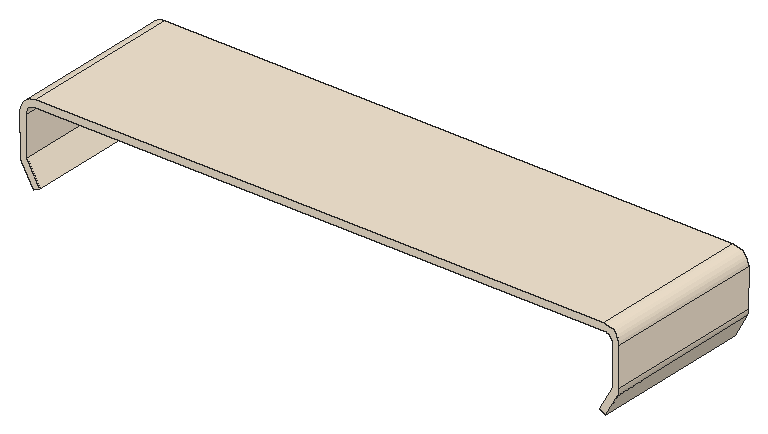
Revit family "Specialty_Equipment-Metal_Raceway-Hubbell_Wiring-Cover_Clip-HBL3006E", category Specialty Equipment, host Face, Revit 2015
Parameters (values of type "HBL3006EIV")
  URL = "http://www.hubbell-wiring.com/"
  Product data url = "https://bimobject.com/hubbellwiring/product/hubbell-metal-raceway-hbl3000"
  Product Page URL = "http://ecatalog.hubbell-wiring.com/ProductInformation/ViewCatalog.aspx?Dest=hubbell-wiring.com/press/catalog/r.pdf"
  Product Documentation Link = "http://www.hubbell-wiring.com/press/pdfs/h5233r08.pdf"
  Model = "HBL3006EIV"
  Manufacturer = "Hubbell Wiring Device Kellems"  # constant formula
  Host Note = "Add in Section View; Host to Wall"  # constant formula
  Description = "Cover Clip"  # constant formula
  Default Elevation = 48.00"
  Cable Tray Material = Metal-Hubbell-Ivory
  B = 0.75"
  Assembly Code = "D5090900"
  A = 2.78"
Types (3): name | Model | Cable Tray Material
  (no name) | "HBL3006EIV" | Metal-Hubbell-Ivory
  HBL3006EIV | "HBL3006EIV" | Metal-Hubbell-Ivory
  HBL3006EGY | "HBL3006EGY" | Metal-Hubbell-Gray
Reference planes (in)
  plane 1 "Center (Front/Back)": y = 0
  plane 2: z = 0
  plane 3 "Center (Left/Right)": x = 0
  plane 4: y = 0.375
  plane 5: x = -1.39
  plane 6: x = 1.39
  plane 7: y = -0.375
  plane 8: z = 1.52
Forms (in)
  Extrusion 1, solid, material "Metal-Hubbell-Ivory" <- "Cable Tray Material"
    sketch origin (0, 0, 0) x (1, 0, 0) y (0, 0, 1)
      loop
        line (-1.30095, 1.15766) -> (-1.36, 1.26591) -> (-1.36, 1.45)
        arc (-1.36, 1.45) -> (-1.34828, 1.47828) -> (-1.32, 1.49) r 0.04
        line (-1.32, 1.49) -> (1.32, 1.49)
        arc (1.32, 1.49) -> (1.34828, 1.47828) -> (1.36, 1.45) r 0.04
        line (1.36, 1.45) -> (1.36, 1.26591) -> (1.30095, 1.15766) -> (1.32817, 1.14282) -> (1.38206, 1.24162)
        arc (1.38206, 1.24162) -> (1.38798, 1.25669) -> (1.39, 1.27275) r 0.065
        line (1.39, 1.27275) -> (1.39, 1.45)
        arc (1.39, 1.45) -> (1.3695, 1.4995) -> (1.32, 1.52) r 0.07
        line (1.32, 1.52) -> (-1.32, 1.52)
        arc (-1.32, 1.52) -> (-1.3695, 1.4995) -> (-1.39, 1.45) r 0.07
        line (-1.39, 1.45) -> (-1.39, 1.27275)
        arc (-1.39, 1.27275) -> (-1.38798, 1.25669) -> (-1.38206, 1.24162) r 0.065
        line (-1.38206, 1.24162) -> (-1.32817, 1.14282) -> (-1.30095, 1.15766)
    from -0.375 to 0.375
Lines and regions (in)
  symbolic lines, style "Symbolic lines"
    curve 1: line (-1.39, -0.375, 0) -> (1.39, -0.375, 0)
    curve 2: line (-1.39, 0.375, 0) -> (-1.39, -0.375, 0)
    curve 3: line (1.39, -0.375, 0) -> (1.39, 0.375, 0)
    curve 4: line (-1.39, 0.375, 0) -> (1.39, 0.375, 0)
    curve 5: line (0, 0.375, 1.14282) -> (0, 0.375, 1.52)
    curve 6: line (0, 0.375, 1.14282) -> (0, -0.375, 1.14282)
    curve 7: line (0, -0.375, 1.52) -> (0, -0.375, 1.14282)
    curve 8: line (0, 0.375, 1.52) -> (0, -0.375, 1.52)
    curve 27: line (-1.30095, 0, 1.15766) -> (-1.36, 0, 1.26591)
    curve 28: line (-1.36, 0, 1.26591) -> (-1.36, 0, 1.45)
    curve 29: arc (-1.36, 0, 1.45) -> (-1.34828, 0, 1.47828) -> (-1.32, 0, 1.49) r 0.04
    curve 30: line (-1.32, 0, 1.49) -> (1.32, 0, 1.49)
    curve 31: arc (1.32, 0, 1.49) -> (1.34828, 0, 1.47828) -> (1.36, 0, 1.45) r 0.04
    curve 32: line (1.36, 0, 1.45) -> (1.36, 0, 1.26591)
    curve 33: line (1.36, 0, 1.26591) -> (1.30095, 0, 1.15766)
    curve 34: line (1.30095, 0, 1.15766) -> (1.32817, 0, 1.14282)
    curve 35: line (1.32817, 0, 1.14282) -> (1.38206, 0, 1.24162)
    curve 36: arc (1.38206, 0, 1.24162) -> (1.38798, 0, 1.25669) -> (1.39, 0, 1.27275) r 0.065
    curve 37: line (1.39, 0, 1.27275) -> (1.39, 0, 1.45)
    curve 38: arc (1.39, 0, 1.45) -> (1.3695, 0, 1.4995) -> (1.32, 0, 1.52) r 0.07
    curve 39: line (1.32, 0, 1.52) -> (-1.32, 0, 1.52)
    curve 40: arc (-1.32, 0, 1.52) -> (-1.3695, 0, 1.4995) -> (-1.39, 0, 1.45) r 0.07
    curve 41: line (-1.39, 0, 1.45) -> (-1.39, 0, 1.27275)
    curve 42: arc (-1.39, 0, 1.27275) -> (-1.38798, 0, 1.25669) -> (-1.38206, 0, 1.24162) r 0.065
    curve 43: line (-1.38206, 0, 1.24162) -> (-1.32817, 0, 1.14282)
    curve 44: line (-1.32817, 0, 1.14282) -> (-1.30095, 0, 1.15766)
  reference lines
    curve 9: line (-1.30095, 0, 1.15766) -> (-1.36, 0, 1.26591)
    curve 10: line (-1.36, 0, 1.26591) -> (-1.36, 0, 1.45)
    curve 11: arc (-1.36, 0, 1.45) -> (-1.34828, 0, 1.47828) -> (-1.32, 0, 1.49) r 0.04
    curve 12: line (-1.32, 0, 1.49) -> (1.32, 0, 1.49)
    curve 13: arc (1.32, 0, 1.49) -> (1.34828, 0, 1.47828) -> (1.36, 0, 1.45) r 0.04
    curve 14: line (1.36, 0, 1.45) -> (1.36, 0, 1.26591)
    curve 15: line (1.36, 0, 1.26591) -> (1.30095, 0, 1.15766)
    curve 16: line (1.30095, 0, 1.15766) -> (1.32817, 0, 1.14282)
    curve 17: line (1.32817, 0, 1.14282) -> (1.38206, 0, 1.24162)
    curve 18: arc (1.38206, 0, 1.24162) -> (1.38798, 0, 1.25669) -> (1.39, 0, 1.27275) r 0.065
    curve 19: line (1.39, 0, 1.27275) -> (1.39, 0, 1.45)
    curve 20: arc (1.39, 0, 1.45) -> (1.3695, 0, 1.4995) -> (1.32, 0, 1.52) r 0.07
    curve 21: line (1.32, 0, 1.52) -> (-1.32, 0, 1.52)
    curve 22: arc (-1.32, 0, 1.52) -> (-1.3695, 0, 1.4995) -> (-1.39, 0, 1.45) r 0.07
    curve 23: line (-1.39, 0, 1.45) -> (-1.39, 0, 1.27275)
    curve 24: arc (-1.39, 0, 1.27275) -> (-1.38798, 0, 1.25669) -> (-1.38206, 0, 1.24162) r 0.065
    curve 25: line (-1.38206, 0, 1.24162) -> (-1.32817, 0, 1.14282)
    curve 26: line (-1.32817, 0, 1.14282) -> (-1.30095, 0, 1.15766)
Dimensions and locks (in)
  equal spacing: plane 5, plane 3 "Center (Left/Right)", plane 6
  equal spacing: plane 4, plane 1 "Center (Front/Back)", plane 7
  "A": plane 5 to plane 6
  "B": plane 4 to plane 7
  plane 8 to plane 2 = 1.52"
  aligned and locked: plane 2 to host face
  aligned and locked: level to host face
  aligned and locked: curve 4 to plane 4
  aligned and locked: plane 7 to curve 7
  aligned and locked: curve 5 to plane 4
  aligned and locked: plane 5 to curve 2
  aligned and locked: curve 1 to plane 7
  aligned and locked: plane 6 to curve 3
  aligned and locked: Extrusion 1 sketch curve to curve 9
  aligned and locked: Extrusion 1 sketch curve to curve 10
  aligned and locked: Extrusion 1 sketch curve to curve 11
  aligned and locked: Extrusion 1 sketch curve to curve 13
  aligned and locked: Extrusion 1 sketch curve to curve 15
  aligned and locked: Extrusion 1 sketch curve to curve 16
  aligned and locked: Extrusion 1 sketch curve to curve 17
  aligned and locked: Extrusion 1 sketch curve to curve 18
  aligned and locked: Extrusion 1 sketch curve to curve 20
  aligned and locked: Extrusion 1 sketch curve to curve 22
  aligned and locked: Extrusion 1 sketch curve to curve 24
  aligned and locked: Extrusion 1 sketch curve to curve 26
  aligned and locked: curve 27 to curve 9
  aligned and locked: curve 28 to curve 10
  aligned and locked: curve 29 to curve 11
  aligned and locked: curve 31 to curve 13
  aligned and locked: curve 33 to curve 15
  aligned and locked: curve 34 to curve 16
  aligned and locked: curve 35 to curve 17
  aligned and locked: curve 36 to curve 18
  aligned and locked: curve 38 to curve 20
  aligned and locked: curve 40 to curve 22
  aligned and locked: curve 42 to curve 24
  aligned and locked: curve 44 to curve 26
  aligned and locked: plane 8 to curve 8
  aligned and locked: curve 6 to Extrusion 1
  aligned and locked: plane 4 to Extrusion 1
  aligned and locked: Extrusion 1 to plane 7
Automatic sketch dimensions
  host sketch curve to host sketch curve = 96.00"  (x2)
  curve 11 to curve 22 = 0.00"  (x2)
  curve 13 to curve 20 = 0.00"  (x2)
  plane 5 to curve 23 = 0.00"
  curve 21 to plane 8 = 0.00"
  curve 19 to plane 6 = 0.00"
  curve 24 to plane 5 = 0.00794"
  curve 10 to plane 5 = 0.03"
  curve 25 to plane 5 = 0.06183"
  curve 9 to curve 24 = 0.035"
  curve 10 to curve 12 = 0.04"
  curve 25 to curve 9 = 0.02721"
  curve 15 to plane 6 = 0.08905"
  curve 13 to curve 14 = 0.04"
  curve 18 to curve 14 = 0.035"
  curve 16 to curve 17 = 0.02721"
  curve 17 to plane 6 = 0.00794"
  curve 23 to curve 22 = 0.17725"
  curve 18 to curve 13 = 0.17725"
  curve 15 to curve 19 = 0.00684"
  curve 10 to curve 23 = 0.00684"
  Extrusion 1 sketch curve to plane 5 = 0.00794"
  Extrusion 1 sketch curve to plane 6 = 0.00794"
  Extrusion 1 sketch curve to Extrusion 1 sketch curve = 0.00"
  curve 42 to plane 5 = 0.00794"
  curve 35 to plane 6 = 0.00794"
  curve 29 to curve 40 = 0.00"
